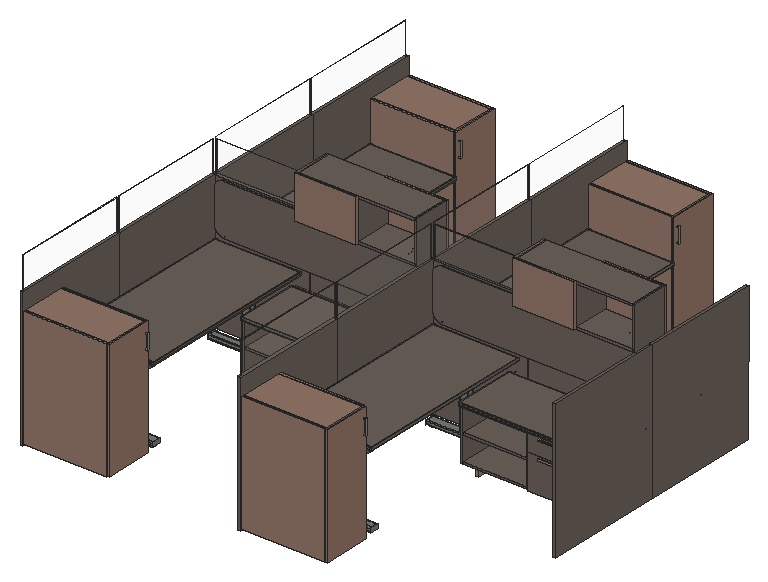
Revit family "T200208", category Furniture, Revit 2018 (continued)
Definition of nested family "STAKS LOW HEIGHT OPEN SHELF PEDESTAL - WITH RISER SUPPORT"
  Forms (in)
    Extrusion 2, solid, material <- "Chasis Material"
      sketch origin (19.35211, 31.02324, 0) x (0, 1, 0) y (0, 0, 1)
        loop
          line (-11.77289, 3.5) -> (-11.02289, 3.5) -> (-11.02289, 21.875) -> (-11.77289, 21.875) -> (-11.77289, 3.5)
      from -9.625 to 12.875
    Extrusion 3, solid, material <- "Chasis Material"
      sketch origin (0, 0, 0) x (1, 0, 0) y (0, 1, 0)
        loop
          line (32.97711, 20.00035) -> (32.22711, 20.00035) -> (32.22711, 1.37535) -> (32.97711, 1.37535) -> (32.97711, 20.00035)
      from 3.5 to 21.875
    Extrusion 4, solid, material <- "Chasis Material"
      sketch origin (-29.79592, -1.62465, 7.24693) x (1, 0, 0) y (0, 0, 1)
        loop
          line (39.52304, 13.90932) -> (62.02304, 13.90932) -> (62.02304, 14.62807) -> (39.52304, 14.62807) -> (39.52304, 13.90932)
      from -20.875 to -3
    Extrusion 5, solid, material <- "Chasis Material"
      sketch origin (-31.5409, -1.62465, -42.72261) x (1, 0, 0) y (0, 0, 1)
        loop
          line (41.26801, 46.22261) -> (63.76801, 46.22261) -> (63.76801, 46.97261) -> (41.26801, 46.97261) -> (41.26801, 46.22261)
      from -20.875 to -3
    Extrusion 6, solid
      sketch origin (0, 0, 0) x (1, 0, 0) y (0, 1, 0)
        loop
          line (9.03961, 20.00035) -> (9.03961, 1.62535) -> (32.91411, 1.62535) -> (32.91411, 20.00035) -> (9.03961, 20.00035)
        loop
          line (32.22711, 2.37535) -> (32.22711, 10.12535) -> (9.72711, 10.12535) -> (9.72711, 2.37535) -> (32.22711, 2.37535)
        loop
          line (32.22711, 10.75035) -> (32.22711, 19.25035) -> (9.72711, 19.25035) -> (9.72711, 10.75035) -> (32.22711, 10.75035)
      from 21.875 to 22
    Extrusion 7, solid, material <- "Chasis Material"
      sketch origin (41.95422, 1.87535, 0) x (-1, 0, 0) y (0, 0, -1)
        loop
          line (9.72711, -13.375) -> (32.22711, -13.375) -> (32.22711, -12.656) -> (9.72711, -12.656) -> (9.72711, -13.375)
      from -17.375 to 0.5
  Dimensions and locks (in)
    "Board Thickness": plane 13 to plane 12
    locked: plane 11 to plane 14 at 0.0625
    "Board Thickness": plane 11 to plane 16
    locked: plane 15 to plane 18 at 0.063
    "Width": plane 11 to plane 18
    Extrusion 3 sketch curve to plane 18 = 0' - 0 3/4"
    "Board Thickness": plane 19 to plane 18
    equal spacing: plane 11, plane 2 "Right", plane 18
    plane 21 to plane 20 to plane 13 = 0' - 0 3/16" locked, 0' - 0 13/16" locked
    "Riser Support": plane 6 to level
    "Height": plane 3 to plane 6
    "DH1": plane 4 to plane 6
    "DH2": plane 22 to plane 4
    locked: plane 26 to plane 6 at 0.25
    "Board Thickness": plane 27 to plane 17
    "Depth": plane 13 to plane 17
    plane 4 to plane 5 to plane 7 to plane 9 = 0' - 0 1/8" locked, 0' - 0 1/4" locked, 0' - 0.469" locked
    plane 22 to plane 23 to plane 24 to plane 25 = 0' - 0 1/8" locked, 0' - 0 1/4" locked, 0' - 0.469" locked
    plane 3 to plane 8 to plane 10 = 0' - 0 1/4" locked, 0' - 0 15/32" locked
    "Board Thickness": plane 28 to plane 6
    plane 12 to plane 30 to plane 31 = 0' - 3" locked, 0' - 4" locked
    plane 32 to plane 29 to plane 27 = 0' - 4" locked, 0' - 2 1/2" locked
    locked: plane 30 to plane 33 at 0.625
    locked: plane 32 to plane 34 at 0.625
    locked: plane 35 to plane 3 at 0.125
    "Board Thickness": plane 36 to plane 24
    equal spacing: plane 38, plane 2 "Right", plane 37
    "Board Thickness": plane 38 to plane 37
    equal spacing: plane 40, plane 2 "Right", plane 39
    equal spacing: plane 14, plane 41, plane 40
    equal spacing: plane 43, plane 41, plane 42
    "Drawer Handle Width": plane 43 to plane 42
    locked: plane 43 to plane 44 at 0.375
    locked: plane 45 to plane 42 at 0.375
    equal spacing: plane 15, plane 46, plane 39
    equal spacing: plane 48, plane 46, plane 47
    "Drawer Handle Width": plane 48 to plane 47
    locked: plane 48 to plane 49 at 0.375
    locked: plane 50 to plane 47 at 0.375
    aligned and locked: level to plane 1
    aligned and locked: plane 12 to Extrusion 1
    aligned and locked: Extrusion 1 to plane 17
    aligned and locked: Extrusion 2 to plane 16
    aligned and locked: plane 16 to Extrusion 1
    aligned and locked: Extrusion 1 to plane 11
    aligned and locked: Extrusion 2 to plane 17
    aligned and locked: plane 19 to Extrusion 2
    aligned and locked: plane 3 to Extrusion 1
    aligned and locked: plane 3 to Extrusion 2
    aligned and locked: Extrusion 3 to plane 19
    aligned and locked: plane 3 to Extrusion 3
    aligned and locked: Extrusion 3 to plane 6
    aligned and locked: plane 3 to Extrusion 4
    aligned and locked: Extrusion 4 to plane 10
    aligned and locked: plane 19 to Extrusion 4
    aligned and locked: Extrusion 4 to plane 16
    aligned and locked: plane 28 to Extrusion 5
    aligned and locked: Extrusion 5 to plane 6
    aligned and locked: Extrusion 5 to plane 27
    aligned and locked: plane 12 to Extrusion 5
    aligned and locked: plane 19 to Extrusion 5
    aligned and locked: Extrusion 5 to plane 16
    aligned and locked: Extrusion 6 to plane 3
    aligned and locked: plane 35 to Extrusion 6
    aligned and locked: Extrusion 4 to plane 27
    aligned and locked: plane 12 to Extrusion 4
    aligned and locked: Extrusion 7 to plane 9
    aligned and locked: plane 5 to Extrusion 7
    aligned and locked: plane 19 to Extrusion 7
    aligned and locked: Extrusion 7 to plane 27
    aligned and locked: plane 12 to Extrusion 7
    aligned and locked: Extrusion 6 sketch curve to plane 17
    aligned and locked: Extrusion 6 sketch curve to plane 27
    aligned and locked: plane 16 to Extrusion 6 sketch curve
    aligned and locked: plane 19 to Extrusion 6 sketch curve
    aligned and locked: Extrusion 2 to plane 6
    aligned and locked: Extrusion 1 to plane 6
    aligned and locked: Extrusion 7 to plane 16
  Automatic sketch dimensions
    level to Extrusion 1 sketch curve = 0' - 3 1/2"
    Extrusion 1 sketch curve to plane 11 = 0' - 0"
    Extrusion 1 sketch curve to plane 3 = 0' - 0"
    Extrusion 1 sketch curve to plane 16 = 0' - 0"
    level to Extrusion 2 sketch curve = 0' - 3 1/2"
    Extrusion 2 sketch curve to plane 3 = 0' - 0"
    Extrusion 2 sketch curve to plane 17 = 0' - 0"
    plane 27 to Extrusion 2 sketch curve = 0' - 0"
    plane 12 to Extrusion 3 sketch curve = 0' - 0"
    Extrusion 3 sketch curve to plane 18 = 0' - 0"
    plane 17 to Extrusion 3 sketch curve = 0' - 0"
    Extrusion 4 sketch curve to plane 10 = 0' - 0"
    Extrusion 4 sketch curve to plane 16 = 0' - 0"
    Extrusion 4 sketch curve to plane 3 = 0' - 0"
    Extrusion 4 sketch curve to plane 19 = 0' - 0"
    level to Extrusion 5 sketch curve = 0' - 3 1/2"
    Extrusion 5 sketch curve to plane 16 = 0' - 0"
    Extrusion 5 sketch curve to plane 19 = 0' - 0"
    Extrusion 5 sketch curve to plane 28 = 0' - 0"
    Extrusion 7 sketch curve to plane 9 = 0' - 0"
    Extrusion 7 sketch curve to plane 19 = 0' - 0"
    Extrusion 7 sketch curve to plane 37 = 0' - 11 5/8"
    Extrusion 7 sketch curve to plane 5 = 0' - 0"
    Extrusion 6 sketch curve to plane 14 = 0' - 0"
    Extrusion 6 sketch curve to plane 16 = 0' - 0"
    Extrusion 6 sketch curve to plane 19 = 0' - 0"
    Extrusion 6 sketch curve to plane 15 = 0' - 0"
    plane 32 to Extrusion 6 sketch curve = 0' - 2 5/8"
    plane 34 to Extrusion 6 sketch curve = 0' - 2 5/8"
    Extrusion 6 sketch curve to plane 13 = 0' - 1"
    Extrusion 6 sketch curve to plane 12 = 0' - 1"
Definition of nested family "STAKS LOW HEIGHT PEDESTAL WIDE - BOX-FILE - WITH RISER SUPPORT"
  Parameters (values of type "STAKS LOW HEIGHT PEDESTAL WIDE - BOX-FILE - WITH RISER SUPPORT 24in W x 19in D")
    URL = "http://www.ofs.com/"
    Riser Support = 0' - 3 1/2"
    Model = "6-RL2419MPD11"
    Manufacturer = "OFS"
    Height = 1' - 6 3/8"
    Drawer Material = none
    Drawer Handle Width = 1' - 3 1/8"
    Drawer Handle Material = none
    Description = "OFS STAKS LOW HEIGHT PEDESTAL WIDE - BOX-FILE - WITH RISER SUPPORT 24\" Width, 19\" Depth, One Box Drawer, One File Drawer, Use with 22\"D Worksurfaces"
    Width = 2' - 0"
    Depth = 1' - 7 3/8"
    DH2 = 0' - 6 1/2"
    DH1 = 1' - 0 3/8"
    Copyright © = "© 2018 OFS"
    Chasis Material = none
    Catalog = "https://ofs.com/products/casegoods/private-office/staks"
    Board Thickness = 0' - 0 3/4"
    Authoring Version = "Autodesk Revit Architecture 2013"
    Assembly Code = "E2020200"
  Types (6): name | Model | Description | Width | Depth
    STAKS LOW HEIGHT PEDESTAL WIDE - BOX-FILE - WITH RISER SUPPORT 24in W x 19in D | "6-RL2419MPD11" | "OFS STAKS LOW HEIGHT PEDESTAL WIDE - BOX-FILE - WITH RISER SUPPORT 24\" Width, 19\" Depth, One Box Drawer, One File Drawer, Use with 22\"D Worksurfaces" | 2' - 0" | 1' - 7 3/8"
    STAKS LOW HEIGHT PEDESTAL WIDE - BOX-FILE - WITH RISER SUPPORT 24in W x 22in D | "6-RL2422MPD11" | "OFS STAKS LOW HEIGHT PEDESTAL WIDE - BOX-FILE - WITH RISER SUPPORT 24\" Width, 22\" Depth, One Box Drawer, One File Drawer, Use with 22\"D Worksurfaces" | 2' - 0" | 1' - 9 7/8"
    STAKS LOW HEIGHT PEDESTAL WIDE - BOX-FILE - WITH RISER SUPPORT 30in W x 19in D | "6-RL3019MPD11" | "OFS STAKS LOW HEIGHT PEDESTAL WIDE - BOX-FILE - WITH RISER SUPPORT 30\" Width, 19\" Depth, One Box Drawer, One File Drawer, Use with 22\"D Worksurfaces" | 2' - 6" | 1' - 7 3/8"
    STAKS LOW HEIGHT PEDESTAL WIDE - BOX-FILE - WITH RISER SUPPORT 30in W x 22in D | "6-RL3022MPD11" | "OFS STAKS LOW HEIGHT PEDESTAL WIDE - BOX-FILE - WITH RISER SUPPORT 30\" Width, 22\" Depth, One Box Drawer, One File Drawer, Use with 22\"D Worksurfaces" | 2' - 6" | 1' - 9 7/8"
    STAKS LOW HEIGHT PEDESTAL WIDE - BOX-FILE - WITH RISER SUPPORT 36in W x 19in D | "6-RL3619MPD11" | "OFS STAKS LOW HEIGHT PEDESTAL WIDE - BOX-FILE - WITH RISER SUPPORT 36\" Width, 19\" Depth, One Box Drawer, One File Drawer, Use with 22\"D Worksurfaces" | 3' - 0" | 1' - 7 3/8"
    STAKS LOW HEIGHT PEDESTAL WIDE - BOX-FILE - WITH RISER SUPPORT 36in W x 22in D | "6-RL3622MPD11" | "OFS STAKS LOW HEIGHT PEDESTAL WIDE - BOX-FILE - WITH RISER SUPPORT 36\" Width, 22\" Depth, One Box Drawer, One File Drawer, Use with 22\"D Worksurfaces" | 3' - 0" | 1' - 9 7/8"
  Reference planes (in)
    plane 1: z = 0
    plane 2 "Right": x = 20.97711
    plane 3: z = 21.875
    plane 4: z = 15.875
    plane 5: z = 15.75
    plane 6: z = 3.5
    plane 7: z = 15.5
    plane 8: z = 21.625
    plane 9: z = 15.031
    plane 10: z = 21.15625
    plane 11: x = 8.97711
    plane 12: y = 1.37535
    plane 13: y = 0.62535
    plane 14: x = 9.03961
    plane 15: x = 32.91411
    plane 16: x = 9.72711
    plane 17: y = 20.00035
    plane 18: x = 32.97711
    plane 19: x = 32.22711
    plane 20: x = 13.41461
    plane 21: x = 13.78961
    plane 22: x = 28.53961
    plane 23: x = 28.16461
    plane 24: y = -0.18715
    plane 25: y = -0.37465
    plane 26: z = 3.75
    plane 27: y = 19.25035
    plane 28: z = 4.25
    plane 29: y = 16.75035
    plane 30: y = 4.37535
    plane 31: y = 8.37535
    plane 32: y = 12.75035
    plane 33: y = 5.00035
    plane 34: y = 13.37535
    plane 35: z = 22
  Forms (in)
    Extrusion 1, solid, material <- "Drawer Material"
      sketch origin (20.35211, 5, -13.1802) x (0, 1, 0) y (0, 0, 1)
        loop
          line (-4.37465, 28.9302) -> (-4.37465, 16.9302) -> (-3.62465, 16.9302) -> (-3.62465, 28.9302) -> (-4.37465, 28.9302)
      from -11.3125 to 12.562
    Extrusion 2, solid, material <- "Drawer Material"
      sketch origin (20.35211, 2.25, -7.68015) x (0, 1, 0) y (0, 0, 1)
        loop
          line (-1.62465, 29.55515) -> (-1.62465, 23.55515) -> (-0.87465, 23.55515) -> (-0.87465, 29.55515) -> (-1.62465, 29.55515)
      from -11.3125 to 12.562
    Extrusion 3, solid, material <- "Chasis Material"
      sketch origin (-3, -1.24965, 0) x (1, 0, 0) y (0, 0, 1)
        loop
          line (11.97711, 3.5) -> (12.72711, 3.5) -> (12.72711, 21.875) -> (11.97711, 21.875) -> (11.97711, 3.5)
      from -21.25 to -2.625
    Extrusion 4, solid, material <- "Chasis Material"
      sketch origin (19.35211, 31.02324, 0) x (0, 1, 0) y (0, 0, 1)
        loop
          line (-11.77289, 3.5) -> (-11.02289, 3.5) -> (-11.02289, 21.875) -> (-11.77289, 21.875) -> (-11.77289, 3.5)
      from -9.625 to 12.875
    Extrusion 5, solid, material <- "Drawer Handle Material"
      sketch origin (9, 0, 9.60933) x (1, 0, 0) y (0, 1, 0)
        loop
          line (4.41461, 0.62535) -> (4.41461, -0.37465) -> (19.53961, -0.37465) -> (19.53961, 0.62535) -> (19.16461, 0.62535) -> (19.16461, -0.18715) -> (4.78961, -0.18715) -> (4.78961, 0.62535) -> (4.41461, 0.62535)
      from 5.42167 to 5.89067
    Extrusion 6, solid, material <- "Drawer Handle Material"
      sketch origin (9, 0, 20.67137) x (1, 0, 0) y (0, 1, 0)
        loop
          line (4.41461, 0.62535) -> (4.41461, -0.37465) -> (19.53961, -0.37465) -> (19.53961, 0.62535) -> (19.16461, 0.62535) -> (19.16461, -0.18715) -> (4.78961, -0.18715) -> (4.78961, 0.62535) -> (4.41461, 0.62535)
      from 0.48488 to 0.95363
    Extrusion 7, solid, material <- "Chasis Material"
      sketch origin (0, 0, 0) x (1, 0, 0) y (0, 1, 0)
        loop
          line (32.97711, 20.00035) -> (32.22711, 20.00035) -> (32.22711, 1.37535) -> (32.97711, 1.37535) -> (32.97711, 20.00035)
      from 3.5 to 21.875
    Extrusion 8, solid, material <- "Chasis Material"
      sketch origin (-29.79592, -7.12465, 7.24693) x (1, 0, 0) y (0, 0, 1)
        loop
          line (39.52304, 13.90932) -> (62.02304, 13.90932) -> (62.02304, 14.62807) -> (39.52304, 14.62807) -> (39.52304, 13.90932)
      from -26.375 to -8.5
    Extrusion 9, solid, material <- "Chasis Material"
      sketch origin (-31.5409, -1.62465, -42.72261) x (1, 0, 0) y (0, 0, 1)
        loop
          line (41.26801, 46.22261) -> (63.76801, 46.22261) -> (63.76801, 46.97261) -> (41.26801, 46.97261) -> (41.26801, 46.22261)
      from -20.875 to -3
    Extrusion 10, solid
      sketch origin (0, 0, 0) x (1, 0, 0) y (0, 1, 0)
        loop
          line (32.91411, 20.00035) -> (32.22711, 20.00035) -> (32.22711, 1.37535) -> (32.91411, 1.37535) -> (32.91411, 20.00035)
        loop
          line (9.03961, 20.00035) -> (9.03961, 1.37535) -> (9.72711, 1.37535) -> (9.72711, 20.00035) -> (9.03961, 20.00035)
      from 21.875 to 22
  Dimensions and locks (in)
    "Board Thickness": plane 13 to plane 12
    locked: plane 11 to plane 14 at 0.0625
    "Board Thickness": plane 11 to plane 16
    locked: plane 15 to plane 18 at 0.063
    "Width": plane 11 to plane 18
    Extrusion 7 sketch curve to plane 18 = 0' - 0 3/4"
    "Board Thickness": plane 19 to plane 18
    equal spacing: plane 11, plane 2 "Right", plane 18
    locked: plane 20 to plane 21 at 0.375
    locked: plane 23 to plane 22 at 0.375
    equal spacing: plane 20, plane 2 "Right", plane 22
    "Drawer Handle Width": plane 20 to plane 22
    plane 25 to plane 24 to plane 13 = 0' - 0 3/16" locked, 0' - 0 13/16" locked
    "Riser Support": plane 6 to level
    "Height": plane 3 to plane 6
    "DH1": plane 4 to plane 6
    locked: plane 26 to plane 6 at 0.25
    "Board Thickness": plane 27 to plane 17
    "Depth": plane 13 to plane 17
    plane 4 to plane 5 to plane 7 to plane 9 = 0' - 0 1/8" locked, 0' - 0 1/4" locked, 0' - 0.469" locked
    plane 3 to plane 8 to plane 10 = 0' - 0 1/4" locked, 0' - 0 15/32" locked
    "Board Thickness": plane 28 to plane 6
    plane 12 to plane 30 to plane 31 = 0' - 3" locked, 0' - 4" locked
    plane 32 to plane 29 to plane 27 = 0' - 4" locked, 0' - 2 1/2" locked
    locked: plane 30 to plane 33 at 0.625
    locked: plane 32 to plane 34 at 0.625
    locked: plane 35 to plane 3 at 0.125
    aligned and locked: level to plane 1
    aligned and locked: Extrusion 1 to plane 14
    aligned and locked: plane 15 to Extrusion 1
    aligned and locked: Extrusion 2 to plane 12
    aligned and locked: plane 13 to Extrusion 2
    aligned and locked: plane 15 to Extrusion 2
    aligned and locked: Extrusion 2 to plane 14
    aligned and locked: plane 12 to Extrusion 3
    aligned and locked: Extrusion 3 to plane 17
    aligned and locked: Extrusion 4 to plane 16
    aligned and locked: plane 16 to Extrusion 3
    aligned and locked: Extrusion 3 to plane 11
    aligned and locked: Extrusion 4 to plane 17
    aligned and locked: Extrusion 1 sketch curve to plane 12
    aligned and locked: plane 13 to Extrusion 1 sketch curve
    aligned and locked: plane 19 to Extrusion 4
    aligned and locked: plane 3 to Extrusion 3
    aligned and locked: Extrusion 6 to plane 22
    aligned and locked: Extrusion 5 to plane 22
    aligned and locked: plane 23 to Extrusion 6
    aligned and locked: plane 23 to Extrusion 5
    aligned and locked: plane 21 to Extrusion 6
    aligned and locked: plane 21 to Extrusion 5
    aligned and locked: Extrusion 6 to plane 20
    aligned and locked: Extrusion 5 to plane 20
    aligned and locked: plane 24 to Extrusion 6
    aligned and locked: plane 7 to Extrusion 5
    aligned and locked: Extrusion 5 to plane 9
    aligned and locked: plane 3 to Extrusion 4
    aligned and locked: Extrusion 1 to plane 26
    aligned and locked: Extrusion 7 to plane 19
    aligned and locked: plane 3 to Extrusion 7
    aligned and locked: Extrusion 7 to plane 6
    aligned and locked: plane 3 to Extrusion 8
    aligned and locked: Extrusion 8 to plane 10
    aligned and locked: plane 28 to Extrusion 9
    aligned and locked: Extrusion 9 to plane 6
    aligned and locked: Extrusion 9 to plane 27
    aligned and locked: plane 12 to Extrusion 9
    aligned and locked: plane 19 to Extrusion 9
    aligned and locked: Extrusion 9 to plane 16
    aligned and locked: Extrusion 10 to plane 3
    aligned and locked: plane 35 to Extrusion 10
    aligned and locked: plane 3 to Extrusion 2
    aligned and locked: plane 8 to Extrusion 6
    aligned and locked: Extrusion 6 to plane 10
    aligned and locked: Extrusion 8 to plane 27
    aligned and locked: plane 12 to Extrusion 8
  Automatic sketch dimensions
    Extrusion 1 sketch curve to plane 26 = 0' - 0"
    Extrusion 1 sketch curve to plane 5 = 0' - 0"
    Extrusion 2 sketch curve to plane 13 = 0' - 0"
    Extrusion 2 sketch curve to plane 4 = 0' - 0"
    Extrusion 2 sketch curve to plane 12 = 0' - 0"
    Extrusion 3 sketch curve to plane 6 = 0' - 0"
    Extrusion 3 sketch curve to plane 11 = 0' - 0"
    Extrusion 3 sketch curve to plane 3 = 0' - 0"
    Extrusion 3 sketch curve to plane 16 = 0' - 0"
    Extrusion 4 sketch curve to plane 6 = 0' - 0"
    Extrusion 4 sketch curve to plane 3 = 0' - 0"
    Extrusion 4 sketch curve to plane 17 = 0' - 0"
    plane 27 to Extrusion 4 sketch curve = 0' - 0"
    plane 13 to Extrusion 5 sketch curve = 0' - 0"  (x2)
    Extrusion 5 sketch curve to plane 20 = 0' - 0"
    Extrusion 5 sketch curve to plane 21 = 0' - 0"
    Extrusion 5 sketch curve to plane 23 = 0' - 0"
    Extrusion 5 sketch curve to plane 22 = 0' - 0"
    plane 25 to Extrusion 5 sketch curve = 0' - 0"
    plane 24 to Extrusion 5 sketch curve = 0' - 0"
    plane 13 to Extrusion 6 sketch curve = 0' - 0"  (x2)
    Extrusion 6 sketch curve to plane 20 = 0' - 0"
    Extrusion 6 sketch curve to plane 21 = 0' - 0"
    Extrusion 6 sketch curve to plane 23 = 0' - 0"
    Extrusion 6 sketch curve to plane 22 = 0' - 0"
    plane 25 to Extrusion 6 sketch curve = 0' - 0"
    plane 24 to Extrusion 6 sketch curve = 0' - 0"
    plane 12 to Extrusion 7 sketch curve = 0' - 0"
    Extrusion 7 sketch curve to plane 18 = 0' - 0"
    plane 17 to Extrusion 7 sketch curve = 0' - 0"
    Extrusion 8 sketch curve to plane 10 = 0' - 0"
    Extrusion 8 sketch curve to plane 16 = 0' - 0"
    Extrusion 8 sketch curve to plane 3 = 0' - 0"
    Extrusion 8 sketch curve to plane 19 = 0' - 0"
    plane 14 to Extrusion 9 sketch curve = 0' - 0 11/16"
    Extrusion 9 sketch curve to plane 6 = 0' - 0"
    plane 6 to Extrusion 9 sketch curve = 0' - 0 3/4"
    Extrusion 9 sketch curve to plane 19 = 0' - 0"
    Extrusion 10 sketch curve to plane 14 = 0' - 0"
    Extrusion 10 sketch curve to plane 15 = 0' - 0"
    Extrusion 10 sketch curve to plane 13 = 0' - 0 3/4"  (x2)
    Extrusion 10 sketch curve to plane 19 = 0' - 0"
    plane 17 to Extrusion 10 sketch curve = 0' - 0"  (x2)
    plane 4 to Extrusion 2 sketch curve = 0' - 6"
    Extrusion 10 sketch curve to plane 16 = 0' - 0"
